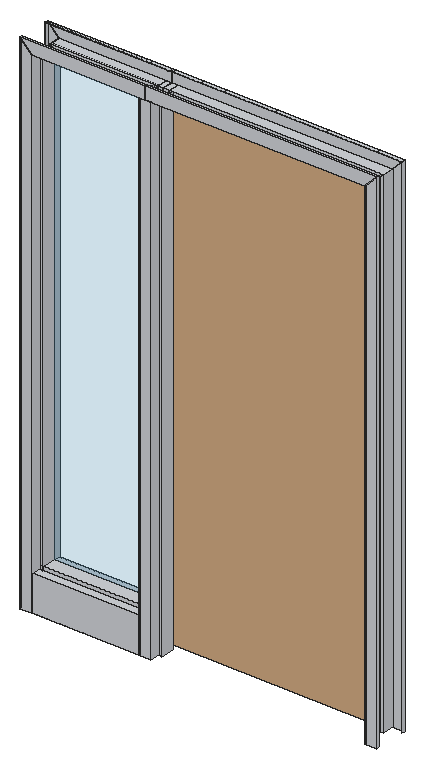
Revit family "Int-F-WDMF-36 x 84-18 RSLT-4 Head", category Doors, host Wall, Revit 2014
Parameters (values of type "Int-F-WDMF-36 x 84-18 RSLT-4 Head")
  Width = Door Panel Width  # 3' - 0"
  Wall Thickness [instance] = 0' - 5 3/4"
  URL = ""
  Type Comments = "EXT,"
  Thickness = 0' - 1 3/4"
  Swing Angle [instance] = 90.00°
  Sidelite Width = P2 Width - 0' 2"  # 1' - 6"
  SDI Right Sidelite Width = Sidelite Width  # 1' - 6"
  SDI RO Spacing = 0' - 0"
  SDI Panel 1 Width = Leaf Width + 0' 0 3/16"  # 3' - 0"
  SDI No Panels = ""
  SDI HW Set [instance] = ""
  SDI HW Item 20 [instance] = ""
  SDI HW Item 19 [instance] = ""
  SDI HW Item 18 [instance] = ""
  SDI HW Item 17 [instance] = ""
  SDI HW Item 16 [instance] = ""
  SDI HW Item 15 [instance] = ""
  SDI HW Item 14 [instance] = ""
  SDI HW Item 13 [instance] = ""
  SDI HW Item 12 [instance] = ""
  SDI HW Item 11 [instance] = ""
  SDI HW Item 10 [instance] = ""
  SDI HW Item 09 [instance] = ""
  SDI HW Item 08 [instance] = ""
  SDI HW Item 07 [instance] = ""
  SDI HW Item 06 [instance] = ""
  SDI HW Item 05 [instance] = ""
  SDI HW Item 04 [instance] = ""
  SDI HW Item 03 [instance] = ""
  SDI HW Item 02 [instance] = ""
  SDI HW Item 01 [instance] = ""
  SDI Glass Material = Glass
  SDI Frame Type = "Right Sidelite"
  SDI Frame Sill Width = 0' - 6"
  SDI Frame Material Type = "Hollow Metal"
  SDI Frame Material = Paint - Generic - Prime
  SDI Frame Manufacturer = ""
  SDI Frame Jamb Width = 0' - 2"
  SDI Frame Head Width = 0' - 2"
  SDI Frame Finish Type = "Painted"
  SDI Frame Finish Color = "Prime"
  SDI Frame Depth [instance] = 0' - 5 3/4"
  SDI Family Version = "1.0"
  SDI Door Panel Type = "F"
  SDI Door Material Type = "Wood"
  SDI Door Material = Stain - SRO - Red Oak 100 Clear
  SDI Door Manufacturer = ""
  SDI Door Finish Type = "SRO"
  SDI Door Finish Color = "Red Oak 100 Clear"
  SDI Door Configuration = "SG"
  SDI Arch Frame Type [instance] = ""
  SDI Arch Frame Material Type [instance] = "HM"
  SDI Arch Door Panel Type [instance] = "F"
  SDI Arch Door Material Type [instance] = "WD"
  SDI Adjacent Wall Placement = 0' - 4"
  Rough Width = Frame Width - 0' 0" + 2 * SDI RO Spacing  # 5' - 0"
  Rough Height = Frame Height - 0' 0" + SDI RO Spacing  # 7' - 2"
  R1 Height = 7' - 0"
  P2 Width = 1' - 8"
  P1 Width = 3' - 2"
  Model = "Int-F-WDMF-36 x 84-18 RSLT-4 Head"
  Manufacturer = ""
  Leaf Width = P1 Width - 0' 2 3/16"  # 2' - 11 13/16"
  Height = Door Panel Height  # 7' - 0"
  Glass Offset [instance] = 0' 2 1/16" + (SDI Frame Depth - 0' 5 3/4") / 2  # 0' - 2 1/16"
  Function = Interior
  Frame Width = P1 Width + P2 Width + 0' 2"  # 5' - 0"
  Frame Offset [instance] = if(Aligned Exterior, SDI Frame Depth / 2, if(Aligned Center, Wall Thickness / 2, if(Aligned Interior, Wall Thickness - SDI Frame Depth + SDI Frame Depth / 2, Aligned Other)))  # 0' - 2 7/8"
  Frame Height = R1 Height + 0' 2"  # 7' - 2"
  Fire Rating = ""
  Exterior Glazing [instance] = no
  Door Panel Width = P1 Width - 0' 2"  # 3' - 0"
  Door Panel Height = R1 Height + 0' 2" - (0' 2")  # 7' - 0"
  Door Offset [instance] = 0' 2 13/16" + (SDI Frame Depth - 0' 5 3/4") / 2  # 0' - 2 13/16"
  Description = "Wood Door with Hollow Metal Frame"
  Cost = 0
  Assembly Code = "C1020320"
  Analytic Construction = "<None>"
  Aligned Other [instance] = 0' - 0"
  Aligned Interior [instance] = no
  Aligned Exterior [instance] = yes
  Aligned Center [instance] = no
  ADA Clearance Lines = no
Reference planes (in)
  plane 1: y = 0
  plane 2 "Center (Left/Right)": x = 0
  plane 3 "Wall Edge": y = 2.875
  plane 4 "Wall Interior": y = -2.875
  plane 5 "ModelRefLevel": z = 0
  plane 6 "FrameDepthPlane": y = 0
  plane 7 "FrameFront": y = 2.875
  plane 8 "FrameBack": y = -2.875
  plane 9 "V0": x = 29
  plane 10 "V1": x = -9
  plane 11 "V2": x = -29
  plane 12 "H0": z = 1
  plane 13 "H1": z = 85
  plane 14 "InTermLeftJamb0": x = 28
  plane 15 "OutTermLeftJamb0": x = 30
  plane 16 "OutsideJamb1": x = -10
  plane 17 "InsideJamb1": x = -8
  plane 18 "InTermRightJamb2": x = -28
  plane 19 "OutTermRightJamb2": x = -30
  plane 20 "D0.151041666666667": y = 1.0625
  plane 21 "D0.109375": y = 1.5625
  plane 22 "DoorLeft": x = 28
  plane 23 "DoorRight": x = -8
  plane 24 "DoorCenter": x = 10
  plane 25 "DoorTop": z = 83.875
  plane 26 "DoorCenterTB": z = 41.9375
  plane 27 "DoorExtFace": y = 2.8125
  plane 28 "DoorGlassFace": y = 2.0625
  plane 29 "LockCenterLine": z = 41.3125
  plane 30 "ActDoorLeft": x = 27.90625
  plane 31 "SwingClrPlane": y = 62.875
  plane 32 "SwingPartialPlane": y = 50.875
  plane 33 "LeftAdjWall": x = 34
Forms (in)
  Extrusion 1, solid
    sketch origin (148.6875, 0, 43) x (-1, 0, 0) y (0, -1, 0)
      loop
        line (118.6875, -2.375) -> (118.6875, -2.875) -> (120.6875, -2.875) -> (120.6875, -0.9375) -> (121.3125, -0.9375) -> (121.3125, 1.3125) -> (120.6875, 1.3125) -> (120.6875, 2.875) -> (118.6875, 2.875) -> (118.6875, 2.4375) -> (118.75, 2.4375) -> (118.75, 2.8125) -> (120.625, 2.8125) -> (120.625, 1.25) -> (121.25, 1.25) -> (121.25, -0.875) -> (120.625, -0.875) -> (120.625, -2.8125) -> (118.75, -2.8125) -> (118.75, -2.375) -> (118.6875, -2.375)
    from -43 to 43
  Extrusion 2, void
    sketch origin (0, 2.875, 0) x (1, 0, 0) y (0, 0, 1)
      loop
        line (30, 86) -> (27.375, 86) -> (27.375, 83.375) -> (30, 86)
    from -12 to 12
  Extrusion 3, solid
    sketch origin (111, 0, 42) x (-1, 0, 0) y (0, -1, 0)
      loop
        line (121, -0.9375) -> (121.625, -0.9375) -> (121.625, 1.3125) -> (121, 1.3125) -> (121, 2.875) -> (119, 2.875) -> (119, 1.3125) -> (118.375, 1.3125) -> (118.375, -0.9375) -> (119, -0.9375) -> (119, -2.875) -> (121, -2.875) -> (121, -0.9375)
      loop
        line (120.9375, -0.875) -> (121.5625, -0.875) -> (121.5625, 1.25) -> (120.9375, 1.25) -> (120.9375, 2.8125) -> (119.0625, 2.8125) -> (119.0625, 1.25) -> (118.4375, 1.25) -> (118.4375, -0.875) -> (119.0625, -0.875) -> (119.0625, -2.8125) -> (120.9375, -2.8125) -> (120.9375, -0.875)
    from -42 to 42
  Extrusion 4, solid
    sketch origin (91.3125, 0, 43) x (-1, 0, 0) y (0, -1, 0)
      loop
        line (121.25, -2.375) -> (121.25, -2.8125) -> (119.375, -2.8125) -> (119.375, -0.875) -> (118.75, -0.875) -> (118.75, 1.25) -> (119.375, 1.25) -> (119.375, 2.8125) -> (121.25, 2.8125) -> (121.25, 2.4375) -> (121.3125, 2.4375) -> (121.3125, 2.875) -> (119.3125, 2.875) -> (119.3125, 1.3125) -> (118.6875, 1.3125) -> (118.6875, -0.9375) -> (119.3125, -0.9375) -> (119.3125, -2.875) -> (121.3125, -2.875) -> (121.3125, -2.375) -> (121.25, -2.375)
    from -43 to 43
  Extrusion 5, void
    sketch origin (0, 2.875, 0) x (1, 0, 0) y (0, 0, 1)
      loop
        line (-30, 86) -> (-27.375, 83.375) -> (-27.375, 86) -> (-30, 86)
    from -12 to 12
  Extrusion 6, solid
    sketch origin (-19, 0, 3.3125) x (0, 1, 0) y (0, 0, 1)
      loop
        line (2.375, -3.3125) -> (2.875, -3.3125) -> (2.875, 2.6875) -> (0.9375, 2.6875) -> (0.9375, 3.3125) -> (-1.3125, 3.3125) -> (-1.3125, 2.6875) -> (-2.875, 2.6875) -> (-2.875, -3.3125) -> (-2.4375, -3.3125) -> (-2.4375, -3.25) -> (-2.8125, -3.25) -> (-2.8125, 2.625) -> (-1.25, 2.625) -> (-1.25, 3.25) -> (0.875, 3.25) -> (0.875, 2.625) -> (2.8125, 2.625) -> (2.8125, -3.25) -> (2.375, -3.25) -> (2.375, -3.3125)
    from -9 to 9
  Extrusion 7, solid
    sketch origin (10.5, 0, 84.6875) x (0, 1, 0) y (0, 0, 1)
      loop
        line (2.375, 1.25) -> (2.8125, 1.25) -> (2.8125, -0.625) -> (0.875, -0.625) -> (0.875, -1.25) -> (-1.25, -1.25) -> (-1.25, -0.625) -> (-2.8125, -0.625) -> (-2.8125, 1.25) -> (-2.4375, 1.25) -> (-2.4375, 1.3125) -> (-2.875, 1.3125) -> (-2.875, -0.6875) -> (-1.3125, -0.6875) -> (-1.3125, -1.3125) -> (0.9375, -1.3125) -> (0.9375, -0.6875) -> (2.875, -0.6875) -> (2.875, 1.3125) -> (2.375, 1.3125) -> (2.375, 1.25)
    from -19.5 to 19.5
  Extrusion 8, void
    sketch origin (0, 2.875, 0) x (1, 0, 0) y (0, 0, 1)
      loop
        line (30, 86) -> (27.375, 83.375) -> (30, 83.375) -> (30, 86)
    from -12 to 12
  Extrusion 9, solid
    sketch origin (-19.5, 0, 84.6875) x (0, 1, 0) y (0, 0, 1)
      loop
        line (2.375, 1.25) -> (2.8125, 1.25) -> (2.8125, -0.625) -> (0.875, -0.625) -> (0.875, -1.25) -> (-1.25, -1.25) -> (-1.25, -0.625) -> (-2.8125, -0.625) -> (-2.8125, 1.25) -> (-2.4375, 1.25) -> (-2.4375, 1.3125) -> (-2.875, 1.3125) -> (-2.875, -0.6875) -> (-1.3125, -0.6875) -> (-1.3125, -1.3125) -> (0.9375, -1.3125) -> (0.9375, -0.6875) -> (2.875, -0.6875) -> (2.875, 1.3125) -> (2.375, 1.3125) -> (2.375, 1.25)
    from -10.5 to 10.5
  Extrusion 10, void
    sketch origin (0, 2.875, 0) x (1, 0, 0) y (0, 0, 1)
      loop
        line (-30, 86) -> (-30, 83.375) -> (-27.375, 83.375) -> (-30, 86)
    from -12 to 12
  Extrusion 11, solid, material "Glass" <- "SDI Glass Material"
    sketch origin (-60, 1.0625, -12) x (1, 0, 0) y (0, 0, 1)
      loop
        line (50, 18) -> (50, 96) -> (32, 96) -> (32, 18) -> (50, 18)
    from -0.125 to 0.125
  Extrusion 12, solid, material "Glass" <- "SDI Glass Material", visible <- "Exterior Glazing"
    sketch origin (-60, 1.5625, -12) x (1, 0, 0) y (0, 0, 1)
      loop
        line (50, 18) -> (50, 96) -> (32, 96) -> (32, 18) -> (50, 18)
    from -0.125 to 0.125
  Extrusion 13, solid, material "Stain - SRO - Red Oak 100 Clear" <- "SDI Door Material"
    sketch origin (-60, 2.8125, -12) x (1, 0, 0) y (0, 0, 1)
      loop
        line (87.90625, 12.625) -> (87.90625, 95.875) -> (52.09375, 95.875) -> (52.09375, 12.625) -> (87.90625, 12.625)
    from 0 to 1.75
Cuts and joins
  Extrusion 2 cuts Extrusion 1
  Extrusion 5 cuts Extrusion 4
  Extrusion 8 cuts Extrusion 7
  Extrusion 10 cuts Extrusion 9
Lines and regions (in)
  Opening 1
    outline origin (-60, -2.875, 0) x (1, 0, 0) y (0, 0, 1)
      loop
        line (90, 0) -> (90, 86) -> (30, 86) -> (30, 0) -> (90, 0)
  symbolic lines, style "DoorsFrameMullionProjection", detail levels fine
    curve 1: line (30, 2.375, 0) -> (30, 2.875, 0)
    curve 2: line (30, 2.875, 0) -> (28, 2.875, 0)
    curve 3: line (28, 2.875, 0) -> (28, 0.9375, 0)
    curve 4: line (28, 0.9375, 0) -> (27.375, 0.9375, 0)
    curve 5: line (27.375, 0.9375, 0) -> (27.375, -1.3125, 0)
    curve 6: line (27.375, -1.3125, 0) -> (28, -1.3125, 0)
    curve 7: line (28, -1.3125, 0) -> (28, -2.875, 0)
    curve 8: line (28, -2.875, 0) -> (30, -2.875, 0)
    curve 9: line (30, -2.875, 0) -> (30, -2.4375, 0)
    curve 10: line (30, -2.4375, 0) -> (29.9375, -2.4375, 0)
    curve 11: line (29.9375, -2.4375, 0) -> (29.9375, -2.8125, 0)
    curve 12: line (29.9375, -2.8125, 0) -> (28.0625, -2.8125, 0)
    curve 13: line (28.0625, -2.8125, 0) -> (28.0625, -1.25, 0)
    curve 14: line (28.0625, -1.25, 0) -> (27.4375, -1.25, 0)
    curve 15: line (27.4375, -1.25, 0) -> (27.4375, 0.875, 0)
    curve 16: line (27.4375, 0.875, 0) -> (28.0625, 0.875, 0)
    curve 17: line (28.0625, 0.875, 0) -> (28.0625, 2.8125, 0)
    curve 18: line (28.0625, 2.8125, 0) -> (29.9375, 2.8125, 0)
    curve 19: line (29.9375, 2.8125, 0) -> (29.9375, 2.375, 0)
    curve 20: line (29.9375, 2.375, 0) -> (30, 2.375, 0)
    curve 25: line (-10, 0.9375, 0) -> (-10.625, 0.9375, 0)
    curve 26: line (-10.625, 0.9375, 0) -> (-10.625, -1.3125, 0)
    curve 27: line (-10.625, -1.3125, 0) -> (-10, -1.3125, 0)
    curve 28: line (-10, -1.3125, 0) -> (-10, -2.875, 0)
    curve 29: line (-10, -2.875, 0) -> (-8, -2.875, 0)
    curve 30: line (-8, -2.875, 0) -> (-8, -1.3125, 0)
    curve 31: line (-8, -1.3125, 0) -> (-7.375, -1.3125, 0)
    curve 32: line (-7.375, -1.3125, 0) -> (-7.375, 0.9375, 0)
    curve 33: line (-7.375, 0.9375, 0) -> (-8, 0.9375, 0)
    curve 34: line (-8, 0.9375, 0) -> (-8, 2.875, 0)
    curve 35: line (-8, 2.875, 0) -> (-10, 2.875, 0)
    curve 36: line (-10, 2.875, 0) -> (-10, 0.9375, 0)
    curve 37: line (-9.9375, 0.875, 0) -> (-10.5625, 0.875, 0)
    curve 38: line (-10.5625, 0.875, 0) -> (-10.5625, -1.25, 0)
    curve 39: line (-10.5625, -1.25, 0) -> (-9.9375, -1.25, 0)
    curve 40: line (-9.9375, -1.25, 0) -> (-9.9375, -2.8125, 0)
    curve 41: line (-9.9375, -2.8125, 0) -> (-8.0625, -2.8125, 0)
    curve 42: line (-8.0625, -2.8125, 0) -> (-8.0625, -1.25, 0)
    curve 43: line (-8.0625, -1.25, 0) -> (-7.4375, -1.25, 0)
    curve 44: line (-7.4375, -1.25, 0) -> (-7.4375, 0.875, 0)
    curve 45: line (-7.4375, 0.875, 0) -> (-8.0625, 0.875, 0)
    curve 46: line (-8.0625, 0.875, 0) -> (-8.0625, 2.8125, 0)
    curve 47: line (-8.0625, 2.8125, 0) -> (-9.9375, 2.8125, 0)
    curve 48: line (-9.9375, 2.8125, 0) -> (-9.9375, 0.875, 0)
    curve 53: line (-29.9375, 2.375, 0) -> (-29.9375, 2.8125, 0)
    curve 54: line (-29.9375, 2.8125, 0) -> (-28.0625, 2.8125, 0)
    curve 55: line (-28.0625, 2.8125, 0) -> (-28.0625, 0.875, 0)
    curve 56: line (-28.0625, 0.875, 0) -> (-27.4375, 0.875, 0)
    curve 57: line (-27.4375, 0.875, 0) -> (-27.4375, -1.25, 0)
    curve 58: line (-27.4375, -1.25, 0) -> (-28.0625, -1.25, 0)
    curve 59: line (-28.0625, -1.25, 0) -> (-28.0625, -2.8125, 0)
    curve 60: line (-28.0625, -2.8125, 0) -> (-29.9375, -2.8125, 0)
    curve 61: line (-29.9375, -2.8125, 0) -> (-29.9375, -2.4375, 0)
    curve 62: line (-29.9375, -2.4375, 0) -> (-30, -2.4375, 0)
    curve 63: line (-30, -2.4375, 0) -> (-30, -2.875, 0)
    curve 64: line (-30, -2.875, 0) -> (-28, -2.875, 0)
    curve 65: line (-28, -2.875, 0) -> (-28, -1.3125, 0)
    curve 66: line (-28, -1.3125, 0) -> (-27.375, -1.3125, 0)
    curve 67: line (-27.375, -1.3125, 0) -> (-27.375, 0.9375, 0)
    curve 68: line (-27.375, 0.9375, 0) -> (-28, 0.9375, 0)
    curve 69: line (-28, 0.9375, 0) -> (-28, 2.875, 0)
    curve 70: line (-28, 2.875, 0) -> (-30, 2.875, 0)
    curve 71: line (-30, 2.875, 0) -> (-30, 2.375, 0)
    curve 72: line (-30, 2.375, 0) -> (-29.9375, 2.375, 0)
  symbolic lines, style "DoorsFrameMullionProjection", detail levels coarse+medium
    curve 21: line (28, -2.875, 0) -> (30, -2.875, 0)
    curve 22: line (28, 2.875, 0) -> (30, 2.875, 0)
    curve 23: line (28, -2.875, 0) -> (28, 2.875, 0)
    curve 24: line (30, -2.875, 0) -> (30, 2.875, 0)
    curve 49: line (-10, -2.875, 0) -> (-8, -2.875, 0)
    curve 50: line (-10, 2.875, 0) -> (-8, 2.875, 0)
    curve 51: line (-10, -2.875, 0) -> (-10, 2.875, 0)
    curve 52: line (-8, -2.875, 0) -> (-8, 2.875, 0)
    curve 73: line (-30, -2.875, 0) -> (-28, -2.875, 0)
    curve 74: line (-30, 2.875, 0) -> (-28, 2.875, 0)
    curve 75: line (-30, -2.875, 0) -> (-30, 2.875, 0)
    curve 76: line (-28, -2.875, 0) -> (-28, 2.875, 0)
  symbolic lines, style "Elevation Swing"
    curve 77: line (-7.90625, 2.875, 83.875) -> (27.90625, 2.875, 41.9375)
    curve 78: line (-7.90625, 2.875, 0) -> (27.90625, 2.875, 41.9375)
  symbolic lines, style "ADA Clearance", visible <- "ADA Clearance Lines"
    curve 79: line (30, 2.875, 0) -> (30, 62.875, 0)
    curve 80: line (-26, 62.875, 0) -> (30, 62.875, 0)
    curve 81: line (-26, 50.875, 0) -> (30, 50.875, 0)
    curve 82: line (-26, 2.875, 0) -> (-26, 62.875, 0)
    curve 83: line (30, -2.875, 0) -> (30, -50.875, 0)
    curve 84: line (-20, -50.875, 0) -> (30, -50.875, 0)
    curve 85: line (-20, -2.875, 0) -> (-20, -50.875, 0)
Text (in)
  text "Placement Side" at (0, 40.15149, 123.01588), in view "Right"
  text "Placement Side" at (-70.3804, 28.46503, 0), in view "Ref. Level"
  text "Placement Side" at (0, 81.62555, 140.59947), in view "Left"
Dimensions and locks (in)
  locked: plane 3 "Wall Edge" to host wall
  equal spacing: host wall, plane 2 "Center (Left/Right)", host wall
  "Rough Width": host wall to host wall
  "Rough Height": level to host wall
  equal spacing: plane 3 "Wall Edge", plane 1, plane 4 "Wall Interior"
  "Wall Thickness": host wall to host wall
  "Frame Offset": plane 3 "Wall Edge" to plane 6 "FrameDepthPlane"
  equal spacing: plane 7 "FrameFront", plane 6 "FrameDepthPlane", plane 8 "FrameBack"
  "SDI Frame Depth": plane 7 "FrameFront" to plane 8 "FrameBack"
  equal spacing: plane 9 "V0", plane 2 "Center (Left/Right)", plane 11 "V2"
  "P1 Width": plane 9 "V0" to plane 10 "V1"
  "P2 Width": plane 10 "V1" to plane 11 "V2"
  "R1 Height": plane 12 "H0" to plane 13 "H1"
  locked: plane 13 "H1" to Extrusion 1 at 1
  locked: plane 12 "H0" to Extrusion 1 at 1
  locked: plane 9 "V0" to Extrusion 1 at 1  (x4)
  locked: plane 9 "V0" to Extrusion 1 at 0.9375  (x5)
  locked: plane 9 "V0" to Extrusion 1 at 1.5625
  locked: plane 9 "V0" to Extrusion 1 at 1.625
  locked: plane 9 "V0" to curve 1 at 1
  locked: plane 9 "V0" to curve 2 at 1
  locked: plane 9 "V0" to curve 3 at 1
  locked: plane 9 "V0" to curve 4 at 1
  locked: plane 9 "V0" to curve 5 at 1.625
  locked: plane 9 "V0" to curve 6 at 1.625
  locked: plane 9 "V0" to curve 7 at 1
  locked: plane 9 "V0" to curve 8 at 1
  locked: plane 9 "V0" to curve 9 at 1
  locked: plane 9 "V0" to curve 10 at 1
  locked: plane 9 "V0" to curve 11 at 0.9375
  locked: plane 9 "V0" to curve 12 at 0.9375
  locked: plane 9 "V0" to curve 13 at 0.9375
  locked: plane 9 "V0" to curve 14 at 0.9375
  locked: plane 9 "V0" to curve 15 at 1.5625
  locked: plane 9 "V0" to curve 16 at 1.5625
  locked: plane 9 "V0" to curve 17 at 0.9375
  locked: plane 9 "V0" to curve 18 at 0.9375
  locked: plane 9 "V0" to curve 19 at 0.9375
  locked: plane 9 "V0" to curve 20 at 0.9375
  locked: plane 9 "V0" to plane 15 "OutTermLeftJamb0" at 1
  locked: plane 9 "V0" to plane 14 "InTermLeftJamb0" at 1
  locked: plane 9 "V0" to curve 21 at 1
  locked: plane 9 "V0" to curve 22 at 1
  locked: plane 9 "V0" to curve 23 at 1
  locked: plane 9 "V0" to curve 24 at 1
  locked: plane 13 "H1" to Extrusion 3 at 1
  locked: plane 12 "H0" to Extrusion 3 at 1
  locked: plane 10 "V1" to Extrusion 3 at 1  (x5)
  locked: plane 10 "V1" to Extrusion 3 at 1.625  (x2)
  locked: plane 10 "V1" to Extrusion 3 at 1.5625  (x2)
  locked: plane 10 "V1" to Extrusion 3 at 0.9375  (x4)
  locked: plane 10 "V1" to curve 25 at 1
  locked: plane 10 "V1" to curve 26 at 1.625
  locked: plane 10 "V1" to curve 27 at 1.625
  locked: plane 10 "V1" to curve 28 at 1
  locked: plane 10 "V1" to curve 29 at 1
  locked: plane 10 "V1" to curve 30 at 1
  locked: plane 10 "V1" to curve 31 at 1
  locked: plane 10 "V1" to curve 32 at 1.625
  locked: plane 10 "V1" to curve 33 at 1.625
  locked: plane 10 "V1" to curve 34 at 1
  locked: plane 10 "V1" to curve 35 at 1
  locked: plane 10 "V1" to curve 36 at 1
  locked: plane 10 "V1" to curve 37 at 0.9375
  locked: plane 10 "V1" to curve 38 at 1.5625
  locked: plane 10 "V1" to curve 39 at 1.5625
  locked: plane 10 "V1" to curve 40 at 0.9375
  locked: plane 10 "V1" to curve 41 at 0.9375
  locked: plane 10 "V1" to curve 42 at 0.9375
  locked: plane 10 "V1" to curve 43 at 0.9375
  locked: plane 10 "V1" to curve 44 at 1.5625
  locked: plane 10 "V1" to curve 45 at 1.5625
  locked: plane 10 "V1" to curve 46 at 0.9375
  locked: plane 10 "V1" to curve 47 at 0.9375
  locked: plane 10 "V1" to curve 48 at 0.9375
  locked: plane 10 "V1" to plane 16 "OutsideJamb1" at 1
  locked: plane 10 "V1" to plane 17 "InsideJamb1" at 1
  locked: plane 10 "V1" to curve 49 at 1
  locked: plane 10 "V1" to curve 50 at 1
  locked: plane 10 "V1" to curve 51 at 1
  locked: plane 10 "V1" to curve 52 at 1
  locked: plane 13 "H1" to Extrusion 4 at 1
  locked: plane 12 "H0" to Extrusion 4 at 1
  locked: plane 11 "V2" to Extrusion 4 at 0.9375  (x4)
  locked: plane 11 "V2" to Extrusion 4 at 1  (x5)
  locked: plane 11 "V2" to Extrusion 4 at 1.625
  locked: plane 11 "V2" to Extrusion 4 at 1.5625
  locked: plane 11 "V2" to curve 53 at 0.9375
  locked: plane 11 "V2" to curve 54 at 0.9375
  locked: plane 11 "V2" to curve 55 at 0.9375
  locked: plane 11 "V2" to curve 56 at 0.9375
  locked: plane 11 "V2" to curve 57 at 1.5625
  locked: plane 11 "V2" to curve 58 at 1.5625
  locked: plane 11 "V2" to curve 59 at 0.9375
  locked: plane 11 "V2" to curve 60 at 0.9375
  locked: plane 11 "V2" to curve 61 at 0.9375
  locked: plane 11 "V2" to curve 62 at 0.9375
  locked: plane 11 "V2" to curve 63 at 1
  locked: plane 11 "V2" to curve 64 at 1
  locked: plane 11 "V2" to curve 65 at 1
  locked: plane 11 "V2" to curve 66 at 1
  locked: plane 11 "V2" to curve 67 at 1.625
  locked: plane 11 "V2" to curve 68 at 1.625
  locked: plane 11 "V2" to curve 69 at 1
  locked: plane 11 "V2" to curve 70 at 1
  locked: plane 11 "V2" to curve 71 at 1
  locked: plane 11 "V2" to curve 72 at 1
  locked: plane 11 "V2" to plane 18 "InTermRightJamb2" at 1
  locked: plane 11 "V2" to plane 19 "OutTermRightJamb2" at 1
  locked: plane 11 "V2" to curve 73 at 1
  locked: plane 11 "V2" to curve 74 at 1
  locked: plane 11 "V2" to curve 75 at 1
  locked: plane 11 "V2" to curve 76 at 1
  locked: plane 10 "V1" to Extrusion 6 at 1
  locked: plane 11 "V2" to Extrusion 6 at 1
  locked: plane 12 "H0" to Extrusion 6 at 5  (x2)
  locked: plane 12 "H0" to Extrusion 6 at 5.625
  locked: plane 12 "H0" to Extrusion 6 at 0.9375  (x2)
  locked: plane 12 "H0" to Extrusion 6 at 1  (x3)
  locked: plane 12 "H0" to Extrusion 6 at 4.9375  (x2)
  locked: plane 12 "H0" to Extrusion 6 at 5.5625
  locked: plane 9 "V0" to Extrusion 7 at 1
  locked: plane 13 "H1" to Extrusion 7 at 0.9375  (x5)
  locked: plane 13 "H1" to Extrusion 7 at 1.5625
  locked: plane 13 "H1" to Extrusion 7 at 1  (x4)
  locked: plane 13 "H1" to Extrusion 7 at 1.625
  locked: plane 11 "V2" to Extrusion 9 at 1
  locked: plane 13 "H1" to Extrusion 9 at 0.9375  (x5)
  locked: plane 13 "H1" to Extrusion 9 at 1.5625
  locked: plane 13 "H1" to Extrusion 9 at 1  (x4)
  locked: plane 13 "H1" to Extrusion 9 at 1.625
  locked: plane 7 "FrameFront" to cut or joined group of Extrusion 1, Extrusion 2 at 1.9375
  locked: plane 7 "FrameFront" to cut or joined group of Extrusion 1, Extrusion 2 at 2
  locked: plane 7 "FrameFront" to cut or joined group of Extrusion 1, Extrusion 2 at 0.0625
  locked: plane 7 "FrameFront" to cut or joined group of Extrusion 1, Extrusion 2 at 0.5
  locked: plane 8 "FrameBack" to cut or joined group of Extrusion 1, Extrusion 2 at 1.5625
  locked: plane 8 "FrameBack" to cut or joined group of Extrusion 1, Extrusion 2 at 0.4375
  locked: plane 8 "FrameBack" to cut or joined group of Extrusion 1, Extrusion 2 at 0.0625
  locked: plane 8 "FrameBack" to cut or joined group of Extrusion 1, Extrusion 2 at 1.625
  locked: plane 7 "FrameFront" to Extrusion 3 at 1.9375  (x2)
  locked: plane 7 "FrameFront" to Extrusion 3 at 2  (x2)
  locked: plane 7 "FrameFront" to Extrusion 3 at 0.0625
  locked: plane 8 "FrameBack" to Extrusion 3 at 1.5625  (x2)
  locked: plane 8 "FrameBack" to Extrusion 3 at 1.625  (x2)
  locked: plane 8 "FrameBack" to Extrusion 3 at 0.0625
  locked: plane 7 "FrameFront" to cut or joined group of Extrusion 4, Extrusion 5 at 0.0625
  locked: plane 7 "FrameFront" to cut or joined group of Extrusion 4, Extrusion 5 at 2
  locked: plane 7 "FrameFront" to cut or joined group of Extrusion 4, Extrusion 5 at 1.9375
  locked: plane 7 "FrameFront" to cut or joined group of Extrusion 4, Extrusion 5 at 0.5
  locked: plane 8 "FrameBack" to cut or joined group of Extrusion 4, Extrusion 5 at 1.625
  locked: plane 8 "FrameBack" to cut or joined group of Extrusion 4, Extrusion 5 at 0.0625
  locked: plane 8 "FrameBack" to cut or joined group of Extrusion 4, Extrusion 5 at 0.4375
  locked: plane 8 "FrameBack" to cut or joined group of Extrusion 4, Extrusion 5 at 1.5625
  locked: plane 7 "FrameFront" to Extrusion 6 at 1.9375
  locked: plane 7 "FrameFront" to Extrusion 6 at 2
  locked: plane 7 "FrameFront" to Extrusion 6 at 0.0625
  locked: plane 7 "FrameFront" to Extrusion 6 at 0.5
  locked: plane 8 "FrameBack" to Extrusion 6 at 1.5625
  locked: plane 8 "FrameBack" to Extrusion 6 at 0.4375
  locked: plane 8 "FrameBack" to Extrusion 6 at 0.0625
  locked: plane 8 "FrameBack" to Extrusion 6 at 1.625
  locked: plane 7 "FrameFront" to cut or joined group of Extrusion 7, Extrusion 8 at 0.0625
  locked: plane 7 "FrameFront" to cut or joined group of Extrusion 7, Extrusion 8 at 2
  locked: plane 7 "FrameFront" to cut or joined group of Extrusion 7, Extrusion 8 at 1.9375
  locked: plane 7 "FrameFront" to cut or joined group of Extrusion 7, Extrusion 8 at 0.5
  locked: plane 8 "FrameBack" to cut or joined group of Extrusion 7, Extrusion 8 at 1.625
  locked: plane 8 "FrameBack" to cut or joined group of Extrusion 7, Extrusion 8 at 0.0625
  locked: plane 8 "FrameBack" to cut or joined group of Extrusion 7, Extrusion 8 at 0.4375
  locked: plane 8 "FrameBack" to cut or joined group of Extrusion 7, Extrusion 8 at 1.5625
  locked: plane 7 "FrameFront" to cut or joined group of Extrusion 9, Extrusion 10 at 0.0625
  locked: plane 7 "FrameFront" to cut or joined group of Extrusion 9, Extrusion 10 at 2
  locked: plane 7 "FrameFront" to cut or joined group of Extrusion 9, Extrusion 10 at 1.9375
  locked: plane 7 "FrameFront" to cut or joined group of Extrusion 9, Extrusion 10 at 0.5
  locked: plane 8 "FrameBack" to cut or joined group of Extrusion 9, Extrusion 10 at 1.625
  locked: plane 8 "FrameBack" to cut or joined group of Extrusion 9, Extrusion 10 at 0.0625
  locked: plane 8 "FrameBack" to cut or joined group of Extrusion 9, Extrusion 10 at 0.4375
  locked: plane 8 "FrameBack" to cut or joined group of Extrusion 9, Extrusion 10 at 1.5625
  locked: plane 7 "FrameFront" to curve 4 at 1.9375
  locked: plane 7 "FrameFront" to curve 16 at 2
  locked: plane 7 "FrameFront" to curve 18 at 0.0625
  locked: plane 7 "FrameFront" to curve 20 at 0.5
  locked: plane 7 "FrameFront" to curve 25 at 1.9375
  locked: plane 7 "FrameFront" to curve 33 at 1.9375
  locked: plane 7 "FrameFront" to curve 37 at 2
  locked: plane 7 "FrameFront" to curve 45 at 2
  locked: plane 7 "FrameFront" to curve 47 at 0.0625
  locked: plane 7 "FrameFront" to curve 54 at 0.0625
  locked: plane 7 "FrameFront" to curve 56 at 2
  locked: plane 7 "FrameFront" to curve 68 at 1.9375
  locked: plane 7 "FrameFront" to curve 72 at 0.5
  locked: plane 8 "FrameBack" to curve 6 at 1.5625
  locked: plane 8 "FrameBack" to curve 10 at 0.4375
  locked: plane 8 "FrameBack" to curve 12 at 0.0625
  locked: plane 8 "FrameBack" to curve 14 at 1.625
  locked: plane 8 "FrameBack" to curve 27 at 1.5625
  locked: plane 8 "FrameBack" to curve 31 at 1.5625
  locked: plane 8 "FrameBack" to curve 39 at 1.625
  locked: plane 8 "FrameBack" to curve 41 at 0.0625
  locked: plane 8 "FrameBack" to curve 43 at 1.625
  locked: plane 8 "FrameBack" to curve 58 at 1.625
  locked: plane 8 "FrameBack" to curve 60 at 0.0625
  locked: plane 8 "FrameBack" to curve 62 at 0.4375
  locked: plane 8 "FrameBack" to curve 66 at 1.5625
  locked: plane 7 "FrameFront" to Extrusion 11 at 1.9375
  locked: plane 7 "FrameFront" to Extrusion 11 at 1.6875
  locked: plane 7 "FrameFront" to Extrusion 12 at 1.4375
  locked: plane 7 "FrameFront" to Extrusion 12 at 1.1875
  locked: plane 9 "V0" to plane 22 "DoorLeft" at 1
  locked: plane 10 "V1" to plane 23 "DoorRight" at 1
  locked: plane 13 "H1" to plane 25 "DoorTop" at 1.125
  equal spacing: plane 25 "DoorTop", plane 26 "DoorCenterTB", plane 5 "ModelRefLevel"
  "Door Offset": plane 6 "FrameDepthPlane" to plane 27 "DoorExtFace"
  "Glass Offset": plane 6 "FrameDepthPlane" to plane 28 "DoorGlassFace"
  locked: plane 29 "LockCenterLine" to plane 5 "ModelRefLevel" at 41.3125
  locked: Extrusion 13 to Extrusion 13 at 1.75
  locked: plane 22 "DoorLeft" to Extrusion 13 at 0.09375
  locked: plane 23 "DoorRight" to Extrusion 13 at 0.09375
  locked: plane 5 "ModelRefLevel" to Extrusion 13 at 0.625
  locked: plane 22 "DoorLeft" to plane 30 "ActDoorLeft" at 0.09375
  locked: plane 3 "Wall Edge" to plane 31 "SwingClrPlane" at 60
  locked: plane 3 "Wall Edge" to plane 32 "SwingPartialPlane" at 48
  "SDI Adjacent Wall Placement": plane 15 "OutTermLeftJamb0" to plane 33 "LeftAdjWall"
  aligned and locked: plane 4 "Wall Interior" to host wall
  aligned and locked: Extrusion 7 to plane 10 "V1"
  aligned and locked: plane 10 "V1" to Extrusion 9
  aligned and locked: cut or joined group of Extrusion 1, Extrusion 2 to plane 7 "FrameFront"
  aligned and locked: plane 8 "FrameBack" to cut or joined group of Extrusion 1, Extrusion 2
  aligned and locked: Extrusion 3 to plane 7 "FrameFront"
  aligned and locked: plane 8 "FrameBack" to Extrusion 3
  aligned and locked: cut or joined group of Extrusion 4, Extrusion 5 to plane 7 "FrameFront"
  aligned and locked: plane 8 "FrameBack" to cut or joined group of Extrusion 4, Extrusion 5
  aligned and locked: Extrusion 6 to plane 7 "FrameFront"
  aligned and locked: plane 8 "FrameBack" to Extrusion 6
  aligned and locked: cut or joined group of Extrusion 7, Extrusion 8 to plane 7 "FrameFront"
  aligned and locked: plane 8 "FrameBack" to cut or joined group of Extrusion 7, Extrusion 8
  aligned and locked: cut or joined group of Extrusion 9, Extrusion 10 to plane 7 "FrameFront"
  aligned and locked: plane 8 "FrameBack" to cut or joined group of Extrusion 9, Extrusion 10
  aligned and locked: curve 2 to plane 7 "FrameFront"
  aligned and locked: plane 7 "FrameFront" to curve 22
  aligned and locked: curve 35 to plane 7 "FrameFront"
  aligned and locked: plane 7 "FrameFront" to curve 50
  aligned and locked: curve 70 to plane 7 "FrameFront"
  aligned and locked: plane 7 "FrameFront" to curve 74
  aligned and locked: plane 8 "FrameBack" to curve 8
  aligned and locked: plane 8 "FrameBack" to curve 29
  aligned and locked: plane 8 "FrameBack" to curve 64
  aligned and locked: Extrusion 13 to plane 27 "DoorExtFace"
  aligned and locked: Extrusion 13 to plane 25 "DoorTop"
  aligned and locked: plane 7 "FrameFront" to nested 1
  aligned and locked: plane 30 "ActDoorLeft" to nested 1
  aligned and locked: plane 31 "SwingClrPlane" to curve 80
  aligned and locked: plane 32 "SwingPartialPlane" to curve 81
Automatic sketch dimensions
  Opening 1 sketch curve to level = 0' - 0"
  Opening 1 sketch curve to plane 2 "Center (Left/Right)" = 2' - 6"
  plane 2 "Center (Left/Right)" to Opening 1 sketch curve = 2' - 6"
  level to Opening 1 sketch curve = 7' - 2"
  Extrusion 2 sketch curve to plane 9 "V0" = 0' - 1 5/8"
  plane 9 "V0" to Extrusion 2 sketch curve = 0' - 1"
  plane 13 "H1" to Extrusion 2 sketch curve = 0' - 1 5/8"
  Extrusion 2 sketch curve to plane 13 "H1" = 0' - 1"
  Extrusion 1 sketch curve to host wall = 0' - 0"
  host wall to Extrusion 1 sketch curve = 0' - 0"
  Extrusion 1 sketch curve to host wall = 0' - 0 1/2"
  plane 2 "Center (Left/Right)" to Extrusion 1 sketch curve = 2' - 6"  (x2)
  Extrusion 1 sketch curve to host wall = 0' - 0 7/16"
  Extrusion 1 sketch curve to Extrusion 1 sketch curve = 0' - 0 1/16"  (x7)
  plane 2 "Center (Left/Right)" to Extrusion 1 sketch curve = 2' - 4 1/16"  (x2)
  Extrusion 1 sketch curve to host wall = 0' - 0 1/16"  (x2)
  Extrusion 1 sketch curve to Extrusion 1 sketch curve = 0' - 0 9/16"
  Extrusion 1 sketch curve to host wall = 0' - 0 15/16"
  host wall to Extrusion 1 sketch curve = 0' - 1 1/4"
  plane 9 "V0" to curve 1 = 0' - 1"
  curve 3 to curve 4 = 0' - 0 5/8"
  curve 7 to plane 9 "V0" = 0' - 1"
  curve 9 to curve 10 = 0' - 0 1/16"
  curve 12 to curve 7 = 0' - 0 1/16"
  curve 14 to curve 5 = 0' - 0 1/16"
  curve 16 to curve 3 = 0' - 0 1/16"
  curve 1 to curve 18 = 0' - 0 1/16"
  host wall to Extrusion 3 sketch curve = 0' - 0"
  Extrusion 3 sketch curve to host wall = 0' - 0"
  Extrusion 3 sketch curve to plane 2 "Center (Left/Right)" = 0' - 7 3/8"
  Extrusion 3 sketch curve to Extrusion 3 sketch curve = 0' - 0 1/16"  (x10)
  Extrusion 3 sketch curve to Extrusion 3 sketch curve = 0' - 0 9/16"  (x2)
  Extrusion 3 sketch curve to plane 2 "Center (Left/Right)" = 0' - 8"
  Extrusion 3 sketch curve to host wall = 0' - 0 1/16"  (x2)
  Extrusion 3 sketch curve to plane 2 "Center (Left/Right)" = 0' - 9 15/16"  (x2)
  Extrusion 3 sketch curve to host wall = 0' - 0 15/16"  (x2)
  host wall to Extrusion 3 sketch curve = 0' - 1 1/4"  (x2)
  curve 25 to curve 25 = 0' - 0 5/8"
  curve 31 to curve 30 = 0' - 0 5/8"
  curve 37 to curve 25 = 0' - 0 1/16"
  curve 39 to curve 27 = 0' - 0 1/16"
  curve 29 to curve 41 = 0' - 0 1/16"
  curve 31 to curve 43 = 0' - 0 1/16"
  curve 33 to curve 45 = 0' - 0 1/16"
  curve 47 to curve 35 = 0' - 0 1/16"
  curve 50 to plane 17 "InsideJamb1" = 0' - 0"
  curve 50 to plane 16 "OutsideJamb1" = 0' - 0"
  Extrusion 5 sketch curve to plane 11 "V2" = 0' - 1"
  plane 11 "V2" to Extrusion 5 sketch curve = 0' - 1 5/8"
  plane 13 "H1" to Extrusion 5 sketch curve = 0' - 1 5/8"
  Extrusion 5 sketch curve to plane 13 "H1" = 0' - 1"
  host wall to Extrusion 4 sketch curve = 0' - 0"
  Extrusion 4 sketch curve to host wall = 0' - 0"
  Extrusion 4 sketch curve to plane 2 "Center (Left/Right)" = 2' - 3 3/8"
  Extrusion 4 sketch curve to Extrusion 4 sketch curve = 0' - 0 1/16"  (x7)
  Extrusion 4 sketch curve to Extrusion 4 sketch curve = 0' - 0 9/16"  (x2)
  Extrusion 4 sketch curve to host wall = 0' - 0 7/16"
  Extrusion 4 sketch curve to plane 2 "Center (Left/Right)" = 2' - 5 15/16"  (x2)
  Extrusion 4 sketch curve to host wall = 0' - 0 1/2"
  Extrusion 4 sketch curve to host wall = 0' - 0 1/16"  (x2)
  Extrusion 4 sketch curve to host wall = 0' - 0 15/16"
  host wall to Extrusion 4 sketch curve = 0' - 1 1/4"
  plane 11 "V2" to curve 54 = 0' - 0 15/16"
  curve 56 to curve 55 = 0' - 0 5/8"
  curve 60 to plane 11 "V2" = 0' - 0 15/16"
  curve 61 to curve 62 = 0' - 0 1/16"
  curve 65 to curve 58 = 0' - 0 1/16"
  curve 66 to curve 57 = 0' - 0 1/16"
  curve 68 to curve 55 = 0' - 0 1/16"
  curve 53 to curve 70 = 0' - 0 1/16"
  Extrusion 6 sketch curve to host wall = 0' - 0"  (x2)
  Extrusion 6 sketch curve to host wall = 0' - 0 1/16"  (x2)
  Extrusion 6 sketch curve to Extrusion 6 sketch curve = 0' - 0 3/8"
  host wall to Extrusion 6 sketch curve = 0' - 1 5/16"
  Extrusion 6 sketch curve to Extrusion 6 sketch curve = 0' - 0 1/16"  (x7)
  Extrusion 6 sketch curve to host wall = 0' - 0 7/8"
  Extrusion 6 sketch curve to Extrusion 6 sketch curve = 0' - 0 1/2"
  Extrusion 6 sketch curve to level = 0' - 0"  (x2)
  Extrusion 6 sketch curve to plane 12 "H0" = 0' - 4 15/16"  (x2)
  Extrusion 6 sketch curve to Extrusion 6 sketch curve = 0' - 0 9/16"
  Extrusion 8 sketch curve to plane 15 "OutTermLeftJamb0" = 0' - 0"
  Extrusion 8 sketch curve to plane 14 "InTermLeftJamb0" = 0' - 0 5/8"
  plane 13 "H1" to Extrusion 8 sketch curve = 0' - 1 5/8"
  Extrusion 8 sketch curve to plane 13 "H1" = 0' - 1"
  Extrusion 7 sketch curve to host wall = 0' - 0"  (x2)
  Extrusion 7 sketch curve to host wall = 0' - 0 1/16"  (x2)
  Extrusion 7 sketch curve to Extrusion 7 sketch curve = 0' - 0 3/8"
  host wall to Extrusion 7 sketch curve = 0' - 1 5/16"
  Extrusion 7 sketch curve to Extrusion 7 sketch curve = 0' - 0 1/16"  (x7)
  Extrusion 7 sketch curve to host wall = 0' - 0 7/8"
  Extrusion 7 sketch curve to host wall = 0' - 0 1/2"
  level to Extrusion 7 sketch curve = 6' - 11 3/8"
  Extrusion 7 sketch curve to Extrusion 7 sketch curve = 0' - 0 9/16"  (x2)
  Extrusion 7 sketch curve to plane 12 "H0" = 7' - 0 15/16"  (x2)
  Extrusion 10 sketch curve to plane 19 "OutTermRightJamb2" = 0' - 0"
  plane 18 "InTermRightJamb2" to Extrusion 10 sketch curve = 0' - 0 5/8"
  plane 13 "H1" to Extrusion 10 sketch curve = 0' - 1 5/8"
  Extrusion 10 sketch curve to plane 13 "H1" = 0' - 1"
  Extrusion 9 sketch curve to host wall = 0' - 0"  (x2)
  Extrusion 9 sketch curve to host wall = 0' - 0 1/16"  (x2)
  Extrusion 9 sketch curve to Extrusion 9 sketch curve = 0' - 0 3/8"
  host wall to Extrusion 9 sketch curve = 0' - 1 5/16"
  Extrusion 9 sketch curve to Extrusion 9 sketch curve = 0' - 0 1/16"  (x7)
  Extrusion 9 sketch curve to host wall = 0' - 0 7/8"
  Extrusion 9 sketch curve to host wall = 0' - 0 1/2"
  level to Extrusion 9 sketch curve = 6' - 11 3/8"
  Extrusion 9 sketch curve to Extrusion 9 sketch curve = 0' - 0 9/16"  (x2)
  Extrusion 9 sketch curve to plane 12 "H0" = 7' - 0 15/16"  (x2)
  Extrusion 11 sketch curve to plane 18 "InTermRightJamb2" = 0' - 0"
  Extrusion 11 sketch curve to plane 16 "OutsideJamb1" = 0' - 0"
  Extrusion 11 sketch curve to plane 12 "H0" = 0' - 5"
  plane 13 "H1" to Extrusion 11 sketch curve = 0' - 1"
  Extrusion 12 sketch curve to plane 18 "InTermRightJamb2" = 0' - 0"
  Extrusion 12 sketch curve to plane 16 "OutsideJamb1" = 0' - 0"
  Extrusion 12 sketch curve to plane 12 "H0" = 0' - 5"
  plane 13 "H1" to Extrusion 12 sketch curve = 0' - 1"
  Extrusion 13 sketch curve to plane 25 "DoorTop" = 0' - 0"
  plane 17 "InsideJamb1" to Extrusion 13 sketch curve = 0' - 0 3/32"
  Extrusion 13 sketch curve to plane 14 "InTermLeftJamb0" = 0' - 0 3/32"
  plane 12 "H0" to Extrusion 13 sketch curve = 0' - 0 3/8"
  curve 77 to plane 25 "DoorTop" = 0' - 0"
  curve 77 to plane 26 "DoorCenterTB" = 0' - 0"
  plane 17 "InsideJamb1" to curve 77 = 0' - 0 3/32"
  curve 78 to level = 0' - 0"
  curve 78 to plane 30 "ActDoorLeft" = 0' - 0"
  plane 17 "InsideJamb1" to curve 78 = 0' - 0 3/32"
  curve 79 to host wall = 0' - 0"
  plane 18 "InTermRightJamb2" to curve 80 = 0' - 2"
  curve 81 to plane 15 "OutTermLeftJamb0" = 0' - 0"
  curve 82 to host wall = 0' - 0"
  host wall to curve 83 = 0' - 0"
  host wall to curve 83 = 4' - 0"
  curve 84 to plane 15 "OutTermLeftJamb0" = 0' - 0"
  host wall to curve 85 = 0' - 0"
  plane 18 "InTermRightJamb2" to curve 85 = 0' - 8"
Nested families (in)
  nested 1: "SingleDoorPlanLines" at (27.90625, 2.875, 0.625), type "SingleDoorPlanLines"
Definition of nested family "SingleDoorPlanLines"
  Parameters (values of type "SingleDoorPlanLines")
    Width = 3' - 0"
    URL = ""
    Thickness = 0' - 1 3/4"
    Analytic Construction = "<None>"
    Swing Angle = 90.00°
  Reference planes (in)
    plane 1 "Front": y = 0
    plane 2: z = 0
    plane 3 "Right": x = 0
    plane 4 "Left": x = -36
  Lines and regions (in)
    symbolic lines, style "DoorsPanelProjection"
      curve 1: line (0, 0, 0) -> (0, 36, 0)
      curve 2: line (0, 36, 0) -> (-1.75, 36, 0)
      curve 3: line (-1.75, 36, 0) -> (-1.75, 0, 0)
      curve 4: line (-1.75, 0, 0) -> (0, 0, 0)
    model lines, style "InvisibleLines", not visible
      curve 5: line (0, 0, 0) -> (-38.99851, -0.34033, 0)
    symbolic lines, style "Plan Swing"
      curve 6: arc (-35.99863, -0.31416, 0) -> (-25.56667, 25.34453, 0) -> (0, 36, 0) r 36
  Dimensions and locks (in)
    "Thickness": curve 3 to curve 1
    "Width": curve 2 to curve 4
    "Width": plane 4 "Left" to plane 3 "Right"
    "Swing Angle": angle curve 1 to plane 1 "Front"
    locked: plane 1 "Front" to curve 5 (angle 0.50°)
  Automatic sketch dimensions
    curve 6 to plane 1 "Front" = 0' - 0"
    curve 6 to plane 3 "Right" = 0' - 0"
    curve 4 to plane 1 "Front" = 0' - 0"
    curve 4 to plane 3 "Right" = 0' - 0"
